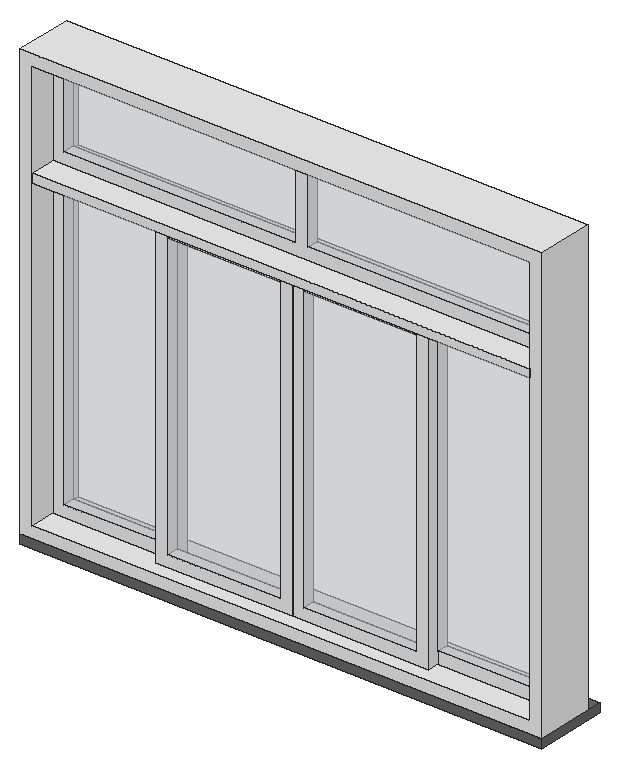
Revit family "Janela 4 folhas com basculante", category Windows, host Wall, Revit 2016
Family settings
  Host = Wall
  OmniClass Number = 23.30.20.00
  OmniClass Title = Windows
  Always vertical = Yes
  Cut with Voids When Loaded = No
  Shared = No
  Room Calculation Point = No
Parameters (values of type "180 x 150 cm")
  Vidro = vidro Verde
  Projeção Peitoril = 5 cm
  Peiroril = Pedra Granito escuro
  Offset Marco da folha = 4 cm
  Inserção das folhas = 5 cm
  Esquadria = Alumínio escovado
  Height = 150 cm
  Espessura do alisar = 4 cm
  Espessura da folha = 4 cm
  Cost = 900
  Analytic Construction = "<None>"
  Wall Closure = By host
  Width = 180 cm
  Altura-padrão do peitoril = 80 cm
  Altura do Basculante = 40 cm
Reference planes (cm)
  plane 1 "Centro (Frente/Trás)": y = 0
  plane 2 "Centro (Esquerda/Direita)": x = 0
  plane 3 "Esquerda": x = -90
  plane 4 "Direita": x = 90
  plane 5 "Peitoril": z = 80
  plane 6 "Extremidade superior": z = 230
  plane 7 "Exterior": y = 10
  plane 8 "Interior": y = -10
  plane 9: z = 190
  plane 10: x = -45
  plane 11: x = 45
Forms (cm)
  Sweep 1, solid, material "Alumínio escovado" <- "Esquadria"
    path in 3D
      loop
        line (90, -10, 230) -> (90, -10, 80) -> (-90, -10, 80) -> (-90, -10, 230) -> (90, -10, 230)
    profile origin (0, -10, 230) x (0, -1, 0) y (0, 0, -1)
      loop
        line (0, 0) -> (0, 4) -> (-20, 4) -> (-20, 0) -> (0, 0)
  Extrusion 2, solid, material "Alumínio escovado" <- "Esquadria"
    sketch origin (0, 10, 0) x (1, 0, 0) y (0, 0, 1)
      loop
        line (86, 190) -> (86, 193) -> (-86, 193) -> (-86, 190) -> (86, 190)
    from 0 to 20
  Extrusion 3, solid, material "Alumínio escovado" <- "Esquadria"
    sketch origin (0, 10, 0) x (1, 0, 0) y (0, 0, 1)
      loop
        line (-43, 84) -> (-43, 190) -> (-86, 190) -> (-86, 84) -> (-43, 84)
      loop
        line (-47, 186) -> (-82, 186) -> (-82, 88) -> (-47, 88) -> (-47, 186)
    from 7 to 11
  Extrusion 4, solid, material "Alumínio escovado" <- "Esquadria"
    sketch origin (0.5, 10, 0) x (1, 0, 0) y (0, 0, 1)
      loop
        line (-0.5, 84) -> (-0.5, 190) -> (-47.5, 190) -> (-47.5, 84) -> (-0.5, 84)
      loop
        line (-4.5, 88) -> (-4.5, 186) -> (-43.5, 186) -> (-43.5, 88) -> (-4.5, 88)
    from 11 to 15
  Extrusion 5, solid, material "Alumínio escovado" <- "Esquadria"
    sketch origin (0, 10, 0) x (1, 0, 0) y (0, 0, 1)
      loop
        line (86, 193) -> (86, 226) -> (-86, 226) -> (-86, 193) -> (86, 193)
      loop
        line (82, 197) -> (82, 222) -> (2, 222) -> (2, 197) -> (82, 197)
      loop
        line (-2, 197) -> (-2, 222) -> (-82, 222) -> (-82, 197) -> (-2, 197)
    from 7 to 11
  Extrusion 6, solid, material "vidro Verde" <- "Vidro"
    sketch origin (0, 10, 0) x (1, 0, 0) y (0, 0, 1)
      loop
        line (-2, 197) -> (-2, 222) -> (-82, 222) -> (-82, 197) -> (-2, 197)
    from 7 to 11
  Extrusion 7, solid, material "vidro Verde" <- "Vidro"
    sketch origin (0, 10, 0) x (1, 0, 0) y (0, 0, 1)
      loop
        line (-43, 186) -> (-43, 88) -> (-4, 88) -> (-4, 186) -> (-43, 186)
    from 11 to 15
  Extrusion 8, solid, material "vidro Verde" <- "Vidro"
    sketch origin (0, 10, 0) x (1, 0, 0) y (0, 0, 1)
      loop
        line (-47, 186) -> (-82, 186) -> (-82, 88) -> (-47, 88) -> (-47, 186)
    from 7 to 11
  Extrusion 9, solid, material "vidro Verde" <- "Vidro"
    sketch origin (0, 10, 0) x (1, 0, 0) y (0, 0, 1)
      loop
        line (2, 222) -> (2, 197) -> (82, 197) -> (82, 222) -> (2, 222)
    from 7 to 11
  Extrusion 10, solid, material "Pedra Granito escuro" <- "Peiroril"
    sketch origin (0, 10, 0) x (1, 0, 0) y (0, 0, 1)
      loop
        line (90, 80) -> (-90, 80) -> (-90, 77) -> (90, 77) -> (90, 80)
    from -5 to 20
  Extrusion 11, solid, material "Alumínio escovado" <- "Esquadria"
    sketch origin (0, 10, 0) x (-1, 0, 0) y (0, 0, -1)
      loop
        line (-43, -84) -> (-86, -84) -> (-86, -190) -> (-43, -190) -> (-43, -84)
      loop
        line (-47, -186) -> (-47, -88) -> (-82, -88) -> (-82, -186) -> (-47, -186)
    from 7 to 11
  Extrusion 12, solid, material "Alumínio escovado" <- "Esquadria"
    sketch origin (-0.5, 10, 0) x (-1, 0, 0) y (0, 0, -1)
      loop
        line (-0.5, -84) -> (-47.5, -84) -> (-47.5, -190) -> (-0.5, -190) -> (-0.5, -84)
      loop
        line (-4.5, -88) -> (-43.5, -88) -> (-43.5, -186) -> (-4.5, -186) -> (-4.5, -88)
    from 11 to 15
  Extrusion 13, solid, material "vidro Verde" <- "Vidro"
    sketch origin (0, 10, 0) x (-1, 0, 0) y (0, 0, -1)
      loop
        line (-43, -186) -> (-4, -186) -> (-4, -88) -> (-43, -88) -> (-43, -186)
    from 11 to 15
  Extrusion 14, solid, material "vidro Verde" <- "Vidro"
    sketch origin (0, 10, 0) x (-1, 0, 0) y (0, 0, -1)
      loop
        line (-47, -186) -> (-47, -88) -> (-82, -88) -> (-82, -186) -> (-47, -186)
    from 7 to 11
Lines and regions (cm)
  Opening 1
    outline origin (350, -10, 0) x (1, 0, 0) y (0, 0, 1)
      loop
        line (-260, 80) -> (-260, 230) -> (-440, 230) -> (-440, 80) -> (-260, 80)
  Opening 2
    outline origin (-500, -10, 0) x (1, 0, 0) y (0, 0, 1)
      loop
        line (590, 77) -> (590, 80) -> (410, 80) -> (410, 77) -> (590, 77)
  sketch lines
    curve 1: line (-90, -10, 230) -> (90, -10, 230)
    curve 2: line (-90, -10, 80) -> (-90, -10, 230)
    curve 3: line (90, -10, 80) -> (-90, -10, 80)
    curve 4: line (90, -10, 230) -> (90, -10, 80)
  symbolic lines
    curve 5: line (-30.8186, 10, 133.4294) -> (-15.8186, 10, 133.4294)
    curve 6: line (-15.8186, 10, 133.4294) -> (-22.8897, 10, 140.5005)
    curve 7: line (-15.8186, 10, 133.4294) -> (-22.8897, 10, 126.3584)
    curve 8: line (31.8186, 10, 133.4294) -> (16.8186, 10, 133.4294)
    curve 9: line (16.8186, 10, 133.4294) -> (23.8897, 10, 140.5005)
    curve 10: line (16.8186, 10, 133.4294) -> (23.8897, 10, 126.3584)
  symbolic lines, style "WindowsHiddenLines"
    curve 11: line (82, 10, 197) -> (2, 10, 222)
    curve 12: line (82, 10, 222) -> (2, 10, 197)
    curve 13: line (-2, 10, 222) -> (-82, 10, 197)
    curve 14: line (-82, 10, 222) -> (-2, 10, 197)
Text (cm)
  text "EXTERIOR" at (-198.1535, 86.3181, 0), in view "Nível de referência"
  text "INTERIOR" at (-201.7992, -70.7606, 0), in view "Nível de referência"
  text "Exterior" at (0, 92.3751, 294.3296), in view "Direita"
  text "Exterior" at (0, 101.9841, 278.8626), in view "Esquerda"
  text "Desenvolvido por Fernando Goes\n\ncontato: fernandogoes@outlook.com\n\ninstagram: @caradorevit" at (105.9275, 66.4594, 17.2133), in view "Vista 1"
Dimensions and locks (cm)
  equal spacing: plane 3 "Esquerda", plane 2 "Centro (Esquerda/Direita)", plane 4 "Direita"
  "Width": plane 3 "Esquerda" to plane 4 "Direita"
  "Height": plane 5 "Peitoril" to plane 6 "Extremidade superior"
  "Altura-padrão do peitoril": plane 5 "Peitoril" to level
  locked: plane 7 "Exterior" to host wall
  locked: plane 8 "Interior" to host wall
  "Altura do Basculante": plane 9 to plane 6 "Extremidade superior"
  "Espessura do alisar": Sweep 1 sketch curve to Sweep 1 sketch curve
  locked: Extrusion 2 sketch curve to Extrusion 2 sketch curve at 3
  "Offset Marco da folha": Extrusion 3 sketch curve to Extrusion 2
  "Offset Marco da folha": Extrusion 3 sketch curve to Sweep 1
  "Offset Marco da folha": Sweep 1 to Extrusion 3 sketch curve
  "Offset Marco da folha": Extrusion 4 sketch curve to Extrusion 2
  "Offset Marco da folha": Sweep 1 to Extrusion 4 sketch curve
  "Espessura da folha": Extrusion 3 to Extrusion 3
  "Espessura da folha": Extrusion 4 to Extrusion 4
  "Inserção das folhas": Sweep 1 to Extrusion 4  (x2)
  "Offset Marco da folha": Sweep 1 to Extrusion 5 sketch curve  (x2)
  "Offset Marco da folha": Extrusion 5 sketch curve to Sweep 1  (x2)
  "Offset Marco da folha": Extrusion 2 to Extrusion 5 sketch curve  (x2)
  equal spacing: Extrusion 5 sketch curve, plane 2 "Centro (Esquerda/Direita)", Extrusion 5 sketch curve
  "Offset Marco da folha": Extrusion 5 sketch curve to Extrusion 5 sketch curve
  locked: Opening 2 sketch curve to Sweep 1 at 3
  "Projeção Peitoril": host wall to Extrusion 10
  equal spacing: plane 2 "Centro (Esquerda/Direita)", plane 10, plane 3 "Esquerda"
  equal spacing: plane 4 "Direita", plane 11, plane 2 "Centro (Esquerda/Direita)"
  equal spacing: Extrusion 3 sketch curve, plane 10, Extrusion 3 sketch curve
  "Offset Marco da folha": Extrusion 3 sketch curve to Extrusion 3 sketch curve
  "Offset Marco da folha": Extrusion 4 sketch curve to Extrusion 4 sketch curve
  Extrusion 11 sketch curve to Extrusion 11 sketch curve = 4 cm
  "Offset Marco da folha": Extrusion 11 sketch curve to Extrusion 11 sketch curve  (x3)
  "Offset Marco da folha": Extrusion 11 sketch curve to Sweep 1
  "Offset Marco da folha": Extrusion 12 sketch curve to Extrusion 12 sketch curve
  aligned and locked: plane 6 "Extremidade superior" to Sweep 1 sketch curve
  aligned and locked: profile plane to Sweep 1 sketch curve
  aligned and locked: Extrusion 2 sketch curve to Sweep 1  (x2)
  aligned and locked: Sweep 1 to Extrusion 2  (x2)
  aligned and locked: Extrusion 3 sketch curve to Extrusion 2
  aligned and locked: Extrusion 3 sketch curve to Sweep 1  (x2)
  aligned and locked: Extrusion 4 to Extrusion 3
  aligned and locked: Sweep 1 sketch curve to host wall
  aligned and locked: Extrusion 5 sketch curve to Sweep 1  (x3)
  aligned and locked: Extrusion 5 sketch curve to Extrusion 2
  aligned and locked: Extrusion 5 to Extrusion 3  (x2)
  aligned and locked: Extrusion 6 sketch curve to Extrusion 5  (x4)
  aligned and locked: Extrusion 4 to Extrusion 7 sketch curve
  aligned and locked: Extrusion 7 sketch curve to Extrusion 4
  aligned and locked: Extrusion 8 sketch curve to Extrusion 3  (x4)
  aligned and locked: Extrusion 9 sketch curve to Extrusion 5  (x4)
  aligned and locked: Extrusion 3 to Extrusion 8  (x2)
  aligned and locked: Extrusion 4 to Extrusion 7  (x2)
  aligned and locked: Extrusion 5 to Extrusion 9  (x2)
  aligned and locked: Extrusion 5 to Extrusion 6  (x2)
  aligned and locked: Opening 2 sketch curve to plane 5 "Peitoril"
  aligned and locked: plane 3 "Esquerda" to Opening 2 sketch curve
  aligned and locked: Opening 2 sketch curve to plane 4 "Direita"
  aligned and locked: plane 4 "Direita" to Extrusion 10 sketch curve
  aligned and locked: Extrusion 10 sketch curve to host wall
  aligned and locked: Extrusion 10 sketch curve to Sweep 1
  aligned and locked: plane 3 "Esquerda" to Extrusion 10 sketch curve
  aligned and locked: host wall to Extrusion 10
  aligned and locked: Extrusion 4 sketch curve to Extrusion 8
  aligned and locked: Extrusion 3 to Extrusion 4 sketch curve
  aligned and locked: Extrusion 4 sketch curve to plane 2 "Centro (Esquerda/Direita)"
  aligned and locked: Extrusion 7 to Extrusion 3
  aligned and locked: Extrusion 7 to Extrusion 4
  aligned and locked: Extrusion 11 sketch curve to Sweep 1
  aligned and locked: Sweep 1 to Extrusion 11 sketch curve
  aligned and locked: Extrusion 11 sketch curve to Extrusion 2
  aligned and locked: Extrusion 12 sketch curve to Extrusion 11
  aligned and locked: Extrusion 11 to Extrusion 12 sketch curve
  aligned and locked: Sweep 1 to Extrusion 12 sketch curve
  aligned and locked: Extrusion 7 to Extrusion 12 sketch curve
  aligned and locked: Extrusion 12 sketch curve to Extrusion 7
  aligned and locked: Extrusion 2 to Extrusion 12 sketch curve
  aligned and locked: Extrusion 13 sketch curve to Extrusion 12  (x3)
  aligned and locked: Extrusion 11 to Extrusion 13 sketch curve
  aligned and locked: Extrusion 14 sketch curve to Extrusion 11  (x4)
  aligned and locked: Extrusion 11 to Extrusion 14  (x2)
  aligned and locked: Extrusion 12 to Extrusion 13  (x2)
  aligned and locked: Extrusion 11 to Extrusion 3  (x2)
  aligned and locked: Extrusion 12 to Extrusion 4  (x2)
Automatic sketch dimensions
  plane 3 "Esquerda" to Opening 1 sketch curve = 0 cm
  plane 4 "Direita" to Opening 1 sketch curve = 0 cm
  Opening 1 sketch curve to plane 5 "Peitoril" = 0 cm
  Opening 1 sketch curve to plane 6 "Extremidade superior" = 0 cm
  Extrusion 2 sketch curve to plane 9 = 0 cm
  plane 10 to Extrusion 7 sketch curve = 2 cm
  Extrusion 7 sketch curve to plane 2 "Centro (Esquerda/Direita)" = 4 cm
  curve 7 to plane 2 "Centro (Esquerda/Direita)" = 15.8186 cm
  plane 2 "Centro (Esquerda/Direita)" to curve 9 = 16.8186 cm
  curve 6 to plane 5 "Peitoril" = 53.4294 cm
  curve 8 to plane 5 "Peitoril" = 53.4294 cm
  curve 6 to curve 5 = 7.0711 cm
  curve 7 to plane 5 "Peitoril" = 46.3584 cm
  curve 7 to curve 5 = 7.0711 cm
  plane 10 to curve 5 = 14.1814 cm
  curve 14 to plane 3 "Esquerda" = 8 cm
  curve 13 to plane 3 "Esquerda" = 8 cm
  curve 13 to plane 2 "Centro (Esquerda/Direita)" = 2 cm
  curve 14 to plane 2 "Centro (Esquerda/Direita)" = 2 cm
  plane 2 "Centro (Esquerda/Direita)" to curve 11 = 2 cm
  plane 2 "Centro (Esquerda/Direita)" to curve 12 = 2 cm
  curve 10 to plane 5 "Peitoril" = 46.3584 cm
  curve 8 to curve 10 = 7.0711 cm
  curve 9 to plane 5 "Peitoril" = 60.5005 cm
  curve 8 to plane 11 = 13.1814 cm
  plane 4 "Direita" to curve 11 = 8 cm
  plane 4 "Direita" to curve 12 = 8 cm
  plane 9 to curve 11 = 7 cm
  plane 9 to curve 13 = 7 cm
  plane 9 to curve 12 = 7 cm
  curve 14 to curve 12 = 0 cm
  plane 6 "Extremidade superior" to curve 11 = 8 cm
  plane 6 "Extremidade superior" to curve 14 = 8 cm
  curve 13 to curve 11 = 0 cm
  plane 6 "Extremidade superior" to curve 12 = 8 cm
  Extrusion 4 sketch curve to plane 9 = 0 cm
  Extrusion 4 sketch curve to plane 5 "Peitoril" = 4 cm
  Extrusion 11 sketch curve to plane 11 = 2 cm
  Extrusion 12 sketch curve to plane 2 "Centro (Esquerda/Direita)" = 0 cm
